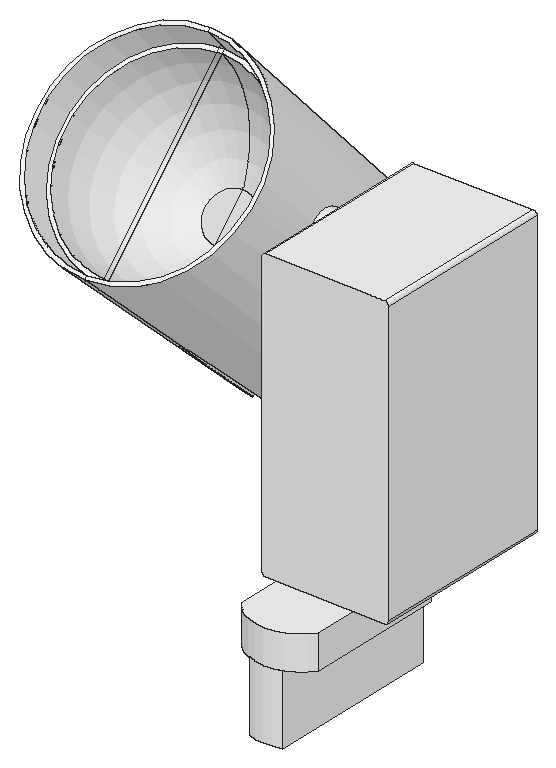
Revit family "0004874 Feilo Sylvania Lighting Fixture START TRACK SPOT S 24W 4K RA90 NB WHITE", category Lighting Fixtures, host Face, Revit 2017 (continued)
Definition of nested family "Start Track Spot Head"
  Types (96, lengths in mm): name | Wattage | built-in parameter 1150134 | Photometric Web File | Model | built-in parameter 1150105 | Lumens | built-in parameter 1150107 | built-in parameter 1150106 | HeadThickness_FEILO | HeadRibOffset_FEILO | HeadRibDepth_FEILO | HeadRibCutWidth_FEILO | HeadRibCutOffset_FEILO | HeadReflectorRadius_FEILO | HeadReflectorOffset_FEILO | HeadLEDRadius_FEILO | HeadHeight_FEILO | HeadDiffusorOffset_FEILO | HeadDiaOut_FEILO | HeadDiaIn_FEILO | HeadAxisFromTop_FEILO | Emit from Circle Diameter | built-in parameter 1150104 | Description | Apparent Load
    0004812 START TRACK SPOT S 14W 3K RA80 MB WHITE | 14 W | (empty or 0) | "0004812.ies" | "START TRACK SPOT S 14W 3K RA80 MB WHITE" | 120.32 (stored number, unit not read) | 1512 lm | 3000 (stored number, unit not read) | 1.2032 (stored number, unit not read) | 1.5 | 4.179 | 55.714 | 7.167 | 50.87 | 50.588 | 55.714 | 9.556 | 117 | 9.435 | 86 | 77.477 | 69.354 | 77.477 | 10.034 (stored number, unit not read) | "Integrated LED spotlight, Textured White - RAL9016, compact and minimalist design, ideal for retail applications, die-cast aluminium body, passive cooling heatsink. Beam angle: 36°, color temperature: 3000K , total system power: 14W, total fixture output: 1508 lm, LOR: 100%, colour rendering: Ra: 80 typical, LED Chromaticity: 3 step MacAdam ellipse, lifetime: >50000 hours at L70B50, energy class: A++, A+, A, IR/UV free light source without heat radiation, operating voltage: 220-240V / 50-60Hz, drive current: 350mA, electronic driver, non-dimmable, power factor: 0.92, electrical protection: Class II, Global Track 3 Phase adapter suitable for Global trac 3-circuit tracks, ingress protection rating: IP20, suitable for internal environment only, horizontal rotation: 355°, vertical tilt: 90°, dimensions: Ø86x140x200, weight: 0.940kg." | 14 VA
    0004811 START TRACK SPOT S 14W 3K RA80 NB WHITE | 14 W | (empty or 0) | "0004811.ies" | "START TRACK SPOT S 14W 3K RA80 NB WHITE" | 123.66 (stored number, unit not read) | 1554 lm | 3000 (stored number, unit not read) | 1.2366 (stored number, unit not read) | 1.5 | 4.179 | 55.714 | 7.167 | 50.87 | 50.588 | 55.714 | 9.556 | 117 | 9.435 | 86 | 77.477 | 69.354 | 77.477 | 10.312 (stored number, unit not read) | "Integrated LED spotlight, Textured White - RAL9016, compact and minimalist design, ideal for retail applications, die-cast aluminium body, passive cooling heatsink. Beam angle: 12°, color temperature: 3000K , total system power: 14W, total fixture output: 1551 lm, LOR: 100%, colour rendering: Ra: 80 typical, LED Chromaticity: 3 step MacAdam ellipse, lifetime: >50000 hours at L70B50, energy class: A++, A+, A, IR/UV free light source without heat radiation, operating voltage: 220-240V / 50-60Hz, drive current: 350mA, electronic driver, non-dimmable, power factor: 0.92, electrical protection: Class II, Global Track 3 Phase adapter suitable for Global trac 3-circuit tracks, ingress protection rating: IP20, suitable for internal environment only, horizontal rotation: 355°, vertical tilt: 90°, dimensions: Ø86x140x200, weight: 0.940kg." | 14 VA
  Reference planes
    plane 1 "Center (Front/Back)": y = 0
    plane 2: z = 0
    plane 3 "Center (Left/Right)": x = 0
    plane 4: x = 43
    plane 5: x = -43
    plane 6: x = -38.739
    plane 7: x = 38.739
    plane 8: z = 69.354
    plane 9: z = -47.646
    plane 10: x = -41.5
    plane 11: x = -37.239
    plane 12: z = -38.211
    plane 13: z = -35.211
    plane 14: z = 8.068
    plane 15: x = -9.556
    plane 16: x = -28.667
    plane 17: x = -19.111
    plane 18: x = -27.167
    plane 19: x = -17.611
    plane 20: x = -8.056
    plane 21: z = 13.64
    plane 22: x = -29.667
    plane 23: x = -26.167
    plane 24: x = -20.111
    plane 25: x = -16.611
    plane 26: x = -10.556
    plane 27: x = -7.056
    plane 28: x = -36.239
    plane 29: x = -40.5
    plane 30: z = 65.175
    plane 31: z = 60.997
    plane 32: z = 56.818
    plane 33: z = 18.484
    plane 34: y = -43
    plane 35: y = 43
    plane 36: y = 3.583
    plane 37: y = -3.583
    plane 38: y = -2.583
    plane 39: y = 2.583
    plane 40: y = 46
    plane 41: z = 13.5
    plane 42: z = -13.5
    plane 43: y = 39
    plane 44: x = 4.708
    plane 45: x = -2.458
    plane 46: x = -1.458
    plane 47: x = 1.458
  Forms (mm)
    Extrusion 1, solid
      sketch origin (4.2, 0, 0) x (1, 0, 0) y (0, 1, 0)
        loop
          line (-1219.2, 1219.2) -> (-1219.2, -1219.2) -> (1219.2, -1219.2) -> (1219.2, 1219.2) -> (-1219.2, 1219.2)
      from 0 to -68.017
    Revolve 2, solid, material <- "Material_1_FEILO", detail levels medium+fine
      sketch origin (0, 0, 0) x (1, 0, 0) y (0, 0, 1)
        loop
          line (-43, -47.646) -> (-41.5, -47.646) -> (-40.5, -35.211) -> (-38.739, -35.211)
          arc (-38.739, -35.211) -> (-30.16, -9.517) -> (-9.556, 8.068) r 50.588
          line (-9.556, 8.068) -> (0, 8.068) -> (0, 13.64) -> (-16.611, 13.64) -> (-17.611, 60.997) -> (-19.111, 60.997) -> (-20.111, 13.64) -> (-36.239, 13.64) -> (-37.239, 69.354) -> (-38.739, 69.354) -> (-43, -47.646)
        axis (0, 69.354) -> (0, -47.646)
      angle from 360 to 0
    Extrusion 3, void
      sketch origin (0, 0, 0) x (0, 1, 0) y (0, 0, 1)
        loop
          line (-3.583, 69.354) -> (-2.583, 18.484) -> (1.932, 18.484) -> (2.932, 69.354) -> (-3.583, 69.354)
      from 43 to -43
    Revolve 4, solid, material <- "Material_2_FEILO", detail levels medium+fine
      sketch origin (0, 0, 0) x (1, 0, 0) y (0, 0, 1)
        loop
          line (-41.5, -38.211) -> (0, -38.211) -> (0, -35.211) -> (-41.5, -35.211) -> (-41.5, -38.211)
        axis (0, -35.211) -> (0, -38.211)
      angle from 360 to 0
    Revolve 5, solid, material <- "Material_1_FEILO"
      sketch origin (0, 0, 0) x (0, 1, 0) y (0, 0, 1)
        loop
          line (46, 0) -> (39, 0) -> (39, -13.5) -> (46, -13.5) -> (46, 0)
        axis (39, 0) -> (46, 0)
      angle from 360 to 0
    Revolve 6, solid, material <- "Material_1_FEILO", detail levels medium+fine
      sketch origin (0, 0, 0) x (1, 0, 0) y (0, 0, 1)
        loop
          line (-29.667, 13.64) -> (-26.167, 13.64) -> (-27.167, 65.175) -> (-28.667, 65.175) -> (-29.667, 13.64)
        loop
          line (-10.556, 13.64) -> (-7.056, 13.64) -> (-7.833, 56.818) -> (-9.778, 56.818) -> (-10.556, 13.64)
        axis (0, 65.175) -> (0, 13.64)
      angle from 360 to 0
    Extrusion 7, void
      sketch origin (0, 0, 0) x (1, 0, 0) y (0, 0, 1)
        loop
          line (4.708, 69.354) -> (-2.458, 69.354) -> (-1.458, 13.64) -> (1.458, 13.64) -> (4.708, 69.354)
      from -43 to 43
    Revolve 8, solid, material <- "Material_1_FEILO", detail levels coarse
      sketch origin (0, 0, 0) x (1, 0, 0) y (0, 0, 1)
        loop
          line (0, 69.354) -> (-38.739, 69.354) -> (-43, -47.646) -> (-41.5, -47.646) -> (-40.731, -38.211) -> (0, -38.211) -> (0, 69.354)
        axis (0, 69.354) -> (0, -47.646)
      angle from 360 to 0
  Cuts and joins
    Extrusion 3 cuts Revolve 2
    Extrusion 7 cuts Revolve 6
  Dimensions and locks
    equal spacing: plane 7, plane 3 "Center (Left/Right)", plane 6
    equal spacing: plane 4, plane 3 "Center (Left/Right)", plane 5
    "HeadDiaOut_FEILO": plane 4 to plane 5
    "HeadDiaIn_FEILO": plane 7 to plane 6
    "HeadHeight_FEILO": plane 8 to plane 9
    "HeadThickness_FEILO": plane 10 to plane 5
    "HeadThickness_FEILO": plane 11 to plane 6
    "HeadDiffusorOffset_FEILO": plane 12 to plane 9
    "HeadDiffusorThickness_FEILO": plane 13 to plane 12
    "HeadReflectorOffset_FEILO": plane 14 to plane 9
    "HeadLEDRadius_FEILO": plane 3 "Center (Left/Right)" to plane 15
    "HeadLEDRadius_FEILO": plane 15 to plane 17
    "HeadLEDRadius_FEILO": plane 17 to plane 16
    "HeadThickness_FEILO": plane 18 to plane 16
    "HeadThickness_FEILO": plane 19 to plane 17
    "HeadThickness_FEILO": plane 20 to plane 15
    "HeadRibDepth_FEILO": plane 8 to plane 21
    "HeadDraft_FEILO": plane 16 to plane 22
    "HeadDraft_FEILO": plane 23 to plane 18
    "HeadDraft_FEILO": plane 17 to plane 24
    "HeadDraft_FEILO": plane 25 to plane 19
    "HeadDraft_FEILO": plane 15 to plane 26
    "HeadDraft_FEILO": plane 27 to plane 20
    "HeadDraft_FEILO": plane 29 to plane 10
    "HeadDraft_FEILO": plane 28 to plane 11
    "HeadRibOffset_FEILO": plane 8 to plane 30
    "HeadRibOffset_FEILO": plane 30 to plane 31
    "HeadRibOffset_FEILO": plane 31 to plane 32
    "HeadAxisFromTop_FEILO": plane 8 to plane 2
    "HeadRibCutOffset_FEILO": plane 8 to plane 33
    equal spacing: plane 34, plane 1 "Center (Front/Back)", plane 35
    "HeadDiaOut_FEILO": plane 34 to plane 35
    equal spacing: plane 38, plane 1 "Center (Front/Back)", plane 39
    equal spacing: plane 37, plane 1 "Center (Front/Back)", plane 36
    "HeadRibCutWidth_FEILO": plane 37 to plane 36
    "HeadDraft_FEILO": plane 37 to plane 38
    locked: plane 35 to plane 40 at 3
    equal spacing: plane 41, plane 2, plane 42
    locked: plane 42 to plane 41 at 27
    locked: plane 43 to plane 35 at 4
    equal spacing: plane 45, imposter light, plane 44
    "HeadDraft_FEILO": plane 46 to plane 45
    "HeadRibCutWidth_FEILO": plane 44 to plane 45
    equal spacing: plane 47, plane 3 "Center (Left/Right)", plane 46
    "HeadReflectorRadius_FEILO": radius of Revolve 2 sketch curve
    aligned and locked: plane 2 to Extrusion 1
    aligned and locked: level to Extrusion 1
    aligned and locked: Revolve 2 sketch curve to plane 3 "Center (Left/Right)"  (x2)
    aligned and locked: plane 9 to Revolve 2 sketch curve  (x2)
    aligned and locked: plane 5 to Revolve 2 sketch curve
    aligned and locked: plane 10 to Revolve 2 sketch curve
    aligned and locked: plane 14 to Revolve 2 sketch curve
    aligned and locked: plane 8 to Revolve 2 sketch curve
    aligned and locked: Revolve 2 sketch curve to plane 13
    aligned and locked: plane 12 to Revolve 4 sketch curve
    aligned and locked: plane 3 "Center (Left/Right)" to Revolve 4 sketch curve
    aligned and locked: Revolve 4 sketch curve to plane 10
    aligned and locked: Revolve 4 sketch curve to plane 3 "Center (Left/Right)"
    aligned and locked: plane 12 to imposter light
    aligned and locked: imposter light to plane 1 "Center (Front/Back)"
    aligned and locked: Revolve 5 sketch curve to plane 2
    aligned and locked: plane 43 to Revolve 5 sketch curve
    aligned and locked: plane 42 to Revolve 5 sketch curve
    aligned and locked: Revolve 6 sketch curve to plane 3 "Center (Left/Right)"
    aligned and locked: plane 22 to Revolve 6 sketch curve
    aligned and locked: plane 30 to Revolve 6 sketch curve
    aligned and locked: plane 23 to Revolve 6 sketch curve
    aligned and locked: Revolve 6 sketch curve to plane 21  (x2)
    aligned and locked: plane 21 to Revolve 6 sketch curve
    aligned and locked: plane 17 to Revolve 2 sketch curve
    aligned and locked: plane 19 to Revolve 2 sketch curve
    aligned and locked: plane 31 to Revolve 2 sketch curve
    aligned and locked: plane 21 to Revolve 2 sketch curve
    aligned and locked: Extrusion 3 to plane 8
    aligned and locked: plane 33 to Extrusion 3
    aligned and locked: plane 8 to Extrusion 3 sketch curve
    aligned and locked: Extrusion 3 sketch curve to plane 33
    aligned and locked: Extrusion 3 to plane 5
    aligned and locked: plane 4 to Extrusion 3
    aligned and locked: plane 32 to Revolve 6 sketch curve
    aligned and locked: plane 44 to Extrusion 7 sketch curve
    aligned and locked: Extrusion 7 sketch curve to plane 8
    aligned and locked: plane 46 to Extrusion 7 sketch curve
    aligned and locked: plane 21 to Extrusion 7 sketch curve
    aligned and locked: plane 34 to Extrusion 7
    aligned and locked: Extrusion 7 to plane 35
    aligned and locked: Revolve 4 sketch curve to plane 13
    aligned and locked: Revolve 5 sketch curve to plane 40
    aligned and locked: Revolve 8 sketch curve to plane 3 "Center (Left/Right)"
    aligned and locked: Revolve 8 sketch curve to cut or joined group of Revolve 2, Extrusion 3  (x3)
    aligned and locked: plane 5 to Revolve 8 sketch curve
    aligned and locked: plane 3 "Center (Left/Right)" to Revolve 8 sketch curve
    aligned and locked: plane 12 to Revolve 8 sketch curve
  Automatic sketch dimensions
    Extrusion 1 sketch curve to Extrusion 1 sketch curve = 2438.4 mm  (x2)
    Extrusion 3 sketch curve to plane 37 = 0 mm
    Extrusion 3 sketch curve to plane 38 = 0 mm
    plane 39 to Extrusion 3 sketch curve = 0.651 mm
    Extrusion 3 sketch curve to plane 39 = 0.349 mm
    Revolve 6 sketch curve to plane 16 = 0 mm
    Revolve 6 sketch curve to plane 18 = 0 mm
    Revolve 6 sketch curve to plane 26 = 0 mm
    Revolve 6 sketch curve to plane 27 = 0 mm
    Revolve 6 sketch curve to plane 15 = 0.222 mm
    plane 9 to Revolve 6 sketch curve = 559.103 mm
    Revolve 6 sketch curve to plane 8 = 2535.555 mm
    plane 20 to Revolve 6 sketch curve = 0.222 mm
    Revolve 2 sketch curve to plane 29 = 0 mm
    Revolve 2 sketch curve to plane 6 = 0 mm  (x2)
    Revolve 2 sketch curve to plane 11 = 0 mm
    Revolve 2 sketch curve to plane 21 = 0 mm
    Revolve 2 sketch curve to plane 28 = 0 mm
    Revolve 2 sketch curve to plane 24 = 0 mm
    Revolve 2 sketch curve to plane 25 = 0 mm
    Revolve 2 sketch curve to plane 15 = 0 mm
    Revolve 2 sketch curve to Revolve 2 sketch curve = 557.155 mm
    Revolve 2 sketch curve to plane 8 = 2535.558 mm
    Extrusion 7 sketch curve to plane 45 = 0 mm
    Extrusion 7 sketch curve to plane 47 = 0 mm
    plane 9 to Revolve 4 sketch curve = 559.103 mm
    Revolve 4 sketch curve to plane 8 = 2535.555 mm
    Revolve 5 sketch curve to level = 0 mm
    plane 34 to Revolve 5 sketch curve = 1968.092 mm
    Revolve 5 sketch curve to plane 40 = 1405.763 mm
    Revolve 8 sketch curve to plane 6 = 0 mm
    Revolve 8 sketch curve to plane 29 = 0.231 mm
    plane 9 to Revolve 8 sketch curve = 559.103 mm
    Revolve 8 sketch curve to Revolve 8 sketch curve = 2535.555 mm
Definition of nested family "Start Track Spot Box"
  Parameters (values of type "Type Large White")
    URL = "http://www.feilosylvania.com"
    Type Image = (empty or 0)
    Type Comments = "n/a"
    Small_FEILO = no
    Material_3_FEILO = none
    Model = ""
    Manufacturer = "Feilo Sylvania"
    Keynote = ""
    Material_2_FEILO = none
    Description = ""
    Default Elevation = 1219.2 mm
    Cost = 0
    Material_1_FEILO = none
    BoxWidth_FEILO = 49 mm
    BoxStartAngle_FEILO [instance] = 0.00°
    BoxRadius_FEILO = 1.5 mm
    BoxHeight_FEILO = if(Small_FEILO, 112 mm, 136 mm)  # 136 mm
    BoxEndAngle_FEILO [instance] = BoxStartAngle_FEILO - 180.00°  # -180.00°
    BoxDepth_FEILO = if(Small_FEILO, 71.5 mm, 79 mm)  # 79 mm
    BoxAxisVerticalOffset_FEILO = 16 mm
    BoxAxisOffset_FEILO = BoxHeight_FEILO / 6.8  # 20 mm
    Assembly Code = ""
    Material_4_FEILO = none
  Types (4, lengths in mm): name | Small_FEILO | BoxHeight_FEILO | BoxDepth_FEILO | BoxAxisOffset_FEILO
    Type Large White | no | 136 | 79 | 20
    Type Small White | yes | 112 | 71.5 | 16.471
    Type Small Black | yes | 112 | 71.5 | 16.471
    Type Large Black | no | 136 | 79 | 20
  Reference planes
    plane 1 "Center (Front/Back)": y = 0
    plane 2: z = 0
    plane 3 "Center (Left/Right)": x = 0
    plane 4: x = 24.5
    plane 5: x = -24.5
    plane 6: y = 68
    plane 7: y = -68
    plane 8: z = 39.5
    plane 9: z = -39.5
    plane 10: y = -48
    plane 11: x = 30.5
    plane 12: x = 8.5
    plane 13: x = 21.5
    plane 14: y = 70
    plane 15: y = 72
    plane 16: x = 19.5
  Forms (mm)
    Extrusion 1, solid
      sketch origin (4.2, 0, 0) x (1, 0, 0) y (0, 1, 0)
        loop
          line (-1219.2, 1219.2) -> (-1219.2, -1219.2) -> (1219.2, -1219.2) -> (1219.2, 1219.2) -> (-1219.2, 1219.2)
      from 0 to -68.017
    Extrusion 2, solid, material <- "Material_1_FEILO"
      sketch origin (0, 0, 0) x (1, 0, 0) y (0, 1, 0)
        loop
          arc (-23, 68) -> (-24.061, 67.561) -> (-24.5, 66.5) r 1.5
          line (-24.5, 66.5) -> (-24.5, -66.5)
          arc (-24.5, -66.5) -> (-24.061, -67.561) -> (-23, -68) r 1.5
          line (-23, -68) -> (23, -68)
          arc (23, -68) -> (24.061, -67.561) -> (24.5, -66.5) r 1.5
          line (24.5, -66.5) -> (24.5, 66.5)
          arc (24.5, 66.5) -> (24.061, 67.561) -> (23, 68) r 1.5
          line (23, 68) -> (-23, 68)
      from -39.5 to 39.5
    Revolve 3, solid, not visible
      sketch origin (0, 0, 0) x (1, 0, 0) y (0, 1, 0)
        loop
          line (30.5, -48) -> (24.5, -48) -> (24.5, -68) -> (30.5, -68) -> (30.5, -48)
        axis (30.5, -48) -> (24.5, -48)
      angle from 0 <- "BoxStartAngle_FEILO" to -180 <- "BoxEndAngle_FEILO"
    Revolve 4, solid, material <- "Material_2_FEILO"
      sketch origin (0, 0, 0) x (1, 0, 0) y (0, 1, 0)
        loop
          line (8.5, 68) -> (19.5, 68) -> (19.5, 70) -> (21.5, 70) -> (21.5, 72) -> (8.5, 72) -> (8.5, 68)
        axis (8.5, 72) -> (8.5, 68)
      angle from 360 to 0
  Dimensions and locks
    equal spacing: plane 5, plane 3 "Center (Left/Right)", plane 4
    "BoxWidth_FEILO": plane 5 to plane 4
    equal spacing: plane 7, plane 1 "Center (Front/Back)", plane 6
    "BoxHeight_FEILO": plane 7 to plane 6
    equal spacing: plane 8, plane 2, plane 9
    "BoxDepth_FEILO": plane 8 to plane 9
    "BoxAxisOffset_FEILO": plane 7 to plane 10
    locked: plane 4 to plane 11 at 6
    "BoxAxisVerticalOffset_FEILO": plane 12 to plane 4
    locked: plane 12 to plane 13 at 13
    plane 6 to plane 14 to plane 15 = 2 mm locked, 2 mm locked
    locked: plane 12 to plane 16 at 11
    "BoxRadius_FEILO": radius of Extrusion 2 sketch curve  (x4)
    aligned and locked: plane 2 to Extrusion 1
    aligned and locked: level to Extrusion 1
    aligned and locked: plane 6 to Extrusion 2 sketch curve
    aligned and locked: plane 5 to Extrusion 2 sketch curve
    aligned and locked: Extrusion 2 sketch curve to plane 7
    aligned and locked: Extrusion 2 sketch curve to plane 4
    aligned and locked: Extrusion 2 to plane 8
    aligned and locked: plane 9 to Extrusion 2
    aligned and locked: Revolve 3 sketch curve to plane 10  (x2)
    aligned and locked: plane 11 to Revolve 3 sketch curve
    aligned and locked: Revolve 3 sketch curve to plane 4
    aligned and locked: plane 7 to Revolve 3 sketch curve
    aligned and locked: Revolve 4 sketch curve to plane 12
    aligned and locked: plane 6 to Revolve 4 sketch curve
    aligned and locked: plane 12 to Revolve 4 sketch curve
    aligned and locked: plane 15 to Revolve 4 sketch curve
    aligned and locked: Revolve 4 sketch curve to plane 13
    aligned and locked: Revolve 4 sketch curve to plane 14
    aligned and locked: Revolve 4 sketch curve to plane 16
    aligned and locked: Revolve 4 sketch curve to plane 6
  Automatic sketch dimensions
    Extrusion 1 sketch curve to Extrusion 1 sketch curve = 2438.4 mm  (x2)
    Revolve 3 sketch curve to plane 5 = 1499.5 mm
    plane 11 to Revolve 3 sketch curve = 1493.5 mm
    plane 15 to Revolve 4 sketch curve = 0 mm
    plane 7 to Revolve 4 sketch curve = 1456 mm
    Revolve 4 sketch curve to plane 15 = 1452 mm
